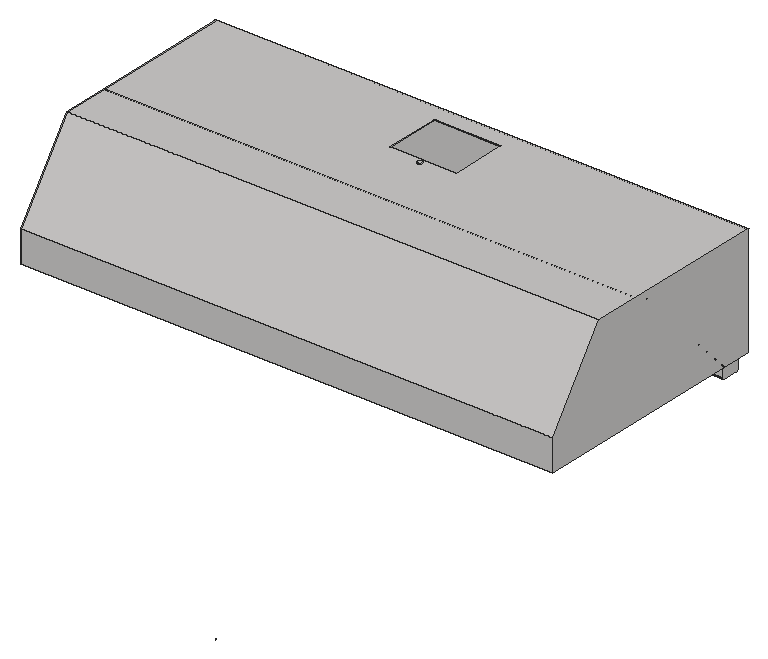
Revit family "QF_ELECTROLUXPROFESSIONAL_644223_ABPV1124BT", category Specialty Equipment, Revit 2014
Reference planes
  plane 1 "Center (Front/Back)": y = 0
  plane 2: z = 0
  plane 3 "Center (Left/Right)": x = 150
  plane 4 "LEFT": x = -1050
  plane 5 "RIGHT": x = 1350
  plane 6 "BACK": y = 550
  plane 7 "FRONT": y = -550
  plane 8 "TOP": z = 2500
  plane 9 "Base": z = 2000
  plane 10: z = 1926
  plane 11 "DrainY": y = 485
  plane 12: x = -1047
  plane 13: through (0, 414.509, 2000.8) normal (0, 0.7314, 0.682)
  plane 14: y = 470
  plane 15: y = 220
  plane 16 "DrainX": x = 1230
  plane 17: x = 300
  plane 18: x = 0
  plane 19: x = 1347
  plane 20: x = 1140
  plane 21: x = 1320
  plane 22: x = -1010
  plane 23: x = -645
  plane 24: x = -450
  plane 25: x = 1310
  plane 26: x = 945
  plane 27: x = 750
  plane 28: x = -47.5
  plane 29: x = 347.5
  plane 30: z = 2140
  plane 31: y = -290
  plane 32: y = 200
Forms (mm)
  Extrusion 1, solid, material "QF_Finishes_Stainless Steel"
    sketch origin (-1050, 0, 360) x (0, 1, 0) y (0, 0, 1)
      loop
        line (550, 1640) -> (550, 2140) -> (-290, 2140) -> (-550, 1780) -> (-550, 1640) -> (550, 1640)
    from 0 to 3
  Extrusion 2, solid, material "QF_Finishes_Stainless Steel"
    sketch origin (150, 0, 360) x (0, 1, 0) y (0, 0, 1)
      loop
        line (415.255, 1640) -> (550, 1640) -> (550, 2139.19) -> (549.2, 2139.19) -> (549.2, 1640.8) -> (415.876, 1640.8) -> (339.347, 1722.867) -> (349.609, 1732.436) -> (348.927, 1733.167) -> (337.934, 1722.917) -> (415.255, 1640)
      loop
        line (-82.203, 2139.19) -> (-82.203, 2118.6) -> (-31.047, 2118.6) -> (34.354, 2048.466) -> (46.028, 2059.352) -> (45.346, 2060.083) -> (34.403, 2049.879) -> (-30.612, 2119.6) -> (-81.203, 2119.6) -> (-81.203, 2139.19) -> (-82.203, 2139.19)
    from -1197 to 1197
  Extrusion 3, solid, material "QF_Finishes_Stainless Steel"
    sketch origin (1350, 0, 360) x (0, 1, 0) y (0, 0, 1)
      loop
        line (550, 1640) -> (550, 2140) -> (-290, 2140) -> (-550, 1780) -> (-550, 1640) -> (550, 1640)
    from 0 to -3
  Extrusion 4, solid, material "QF_Finishes_Stainless Steel"
    sketch origin (150, 0, 360) x (0, 1, 0) y (0, 0, 1)
      loop
        line (-290, 2140) -> (-550, 1780) -> (-550, 1640) -> (-549.2, 1640) -> (-549.2, 1779.741) -> (-289.598, 2139.19) -> (550, 2139.19) -> (550, 2140) -> (-290, 2140)
    from -1200 to 1200
  Extrusion 5, solid, material "QF_Finishes_Stainless Steel"
    sketch origin (150, 0, 360) x (0, 1, 0) y (0, 0, 1)
      loop
        line (534, 1640) -> (436, 1640) -> (436, 1627) -> (443.5, 1627) -> (443.5, 1576)
        arc (443.5, 1576) -> (446.429, 1568.929) -> (453.5, 1566) r 10
        line (453.5, 1566) -> (516.5, 1566)
        arc (516.5, 1566) -> (523.571, 1568.929) -> (526.5, 1576) r 10
        line (526.5, 1576) -> (526.5, 1627) -> (534, 1627) -> (534, 1640)
    from 990 to 1170
  Extrusion 6, solid, material "QF_Finishes_Stainless Steel"
    sketch origin (0, 0, 2000) x (0, 1, 0) y (-1, 0, 0)
      loop
        circle (485, -1230) r 20
    from -76 to -74
  Extrusion 7, solid, material "QF_Finished_Chrome"
    sketch origin (150, 0, 360) x (0, 1, 0) y (0, 0, 1)
      loop
        line (337.934, 1722.917) -> (341.591, 1726.327) -> (38.011, 2051.876) -> (34.354, 2048.466) -> (337.934, 1722.917)
    from -795 to -1160
  Extrusion 8, solid, material "QF_Finished_Chrome"
    sketch origin (150, 0, 360) x (0, 1, 0) y (0, 0, 1)
      loop
        line (337.934, 1722.917) -> (341.591, 1726.327) -> (38.011, 2051.876) -> (34.354, 2048.466) -> (337.934, 1722.917)
    from -197.5 to -600
  Extrusion 9, solid, material "QF_Finishes_Stainless Steel"
    sketch origin (150, 0, 360) x (0, 1, 0) y (0, 0, 1)
      loop
        line (337.934, 1722.917) -> (341.591, 1726.327) -> (38.011, 2051.876) -> (34.354, 2048.466) -> (337.934, 1722.917)
    from 1197 to 1160
  Extrusion 10, solid, material "QF_Finishes_Stainless Steel"
    sketch origin (150, 0, 360) x (0, 1, 0) y (0, 0, 1)
      loop
        line (341.588, 1726.324) -> (38.009, 2051.874) -> (34.354, 2048.466) -> (337.934, 1722.917) -> (341.588, 1726.324)
    from -795 to -600
  Extrusion 11, solid, material "QF_Finished_Chrome"
    sketch origin (150, 0, 360) x (0, 1, 0) y (0, 0, 1)
      loop
        line (341.588, 1726.324) -> (38.009, 2051.874) -> (34.354, 2048.466) -> (337.934, 1722.917) -> (341.588, 1726.324)
    from 795 to 1160
  Extrusion 12, void
    sketch origin (0, 0, 2500) x (0, 1, 0) y (-1, 0, 0)
      loop
        line (470, 0) -> (220, 0) -> (220, -300) -> (470, -300) -> (470, 0)
    from 0 to -10
  Extrusion 13, solid, material "QF_Finishes_Stainless Steel"
    sketch origin (0, 0, 0) x (1, 0, 0) y (0, 1, 0)
      loop
        line (-1050, 550) -> (-1050, 549) -> (-1049, 549) -> (-1049, 550) -> (-1050, 550)
    from 0 to 1
  Extrusion 14, solid, material "QF_Finishes_Stainless Steel"
    sketch origin (150, 0, 360) x (0, 1, 0) y (0, 0, 1)
      loop
        line (337.934, 1722.917) -> (341.591, 1726.327) -> (38.011, 2051.876) -> (34.354, 2048.466) -> (337.934, 1722.917)
    from -1160 to -1197
  Extrusion 15, solid, material "QF_Finishes_Stainless Steel"
    sketch origin (150, 0, 360) x (0, 1, 0) y (0, 0, -1)
      loop
        line (341.588, -1726.324) -> (337.934, -1722.917) -> (34.354, -2048.466) -> (38.009, -2051.874) -> (341.588, -1726.324)
    from -795 to -600
  Extrusion 16, solid, material "QF_Finished_Chrome"
    sketch origin (150, 0, 360) x (0, 1, 0) y (0, 0, 1)
      loop
        line (337.934, 1722.917) -> (341.591, 1726.327) -> (38.011, 2051.876) -> (34.354, 2048.466) -> (337.934, 1722.917)
    from 600 to 197.5
  Extrusion 17, solid, material "QF_Finishes_Stainless Steel"
    sketch origin (150, 0, 360) x (0, 1, 0) y (0, 0, -1)
      loop
        line (341.588, -1726.324) -> (337.934, -1722.917) -> (34.354, -2048.466) -> (38.009, -2051.874) -> (341.588, -1726.324)
    from -197.5 to 197.5
  Extrusion 18, solid, material "QF_Finishes_Stainless Steel"
    sketch origin (0, 0, 2500) x (0, 1, 0) y (-1, 0, 0)
      loop
        circle (200, -150) r 10
    from 0 to 1.6
Cuts and joins
  Extrusion 12 cuts Extrusion 4
  joined: Extrusion 2, Extrusion 4
Lines and regions (mm)
  reference lines
    curve 1: line (150, 34.354, 2408.466) -> (150, 34.354, 2248.466)
  symbolic lines, style "SpecialityEquipment", detail levels coarse
    curve 2: line (1350, 550, 2500) -> (-1050, 550, 2500)
    curve 3: line (-1050, 550, 2500) -> (-1050, -550, 2500)
    curve 4: line (1350, -550, 2500) -> (1350, 550, 2500)
    curve 5: line (-1050, -550, 2500) -> (1350, -550, 2500)
    curve 6: line (0, 220, 2500) -> (300, 220, 2500)
    curve 7: line (0, 470, 2500) -> (0, 220, 2500)
    curve 8: line (300, 470, 2500) -> (0, 470, 2500)
    curve 9: line (300, 220, 2500) -> (300, 470, 2500)
    curve 10: line (1350, -289.598, 0) -> (-1050, -289.598, 0)
    curve 11: line (-1050, -289.598, 0) -> (1350, 550, 0)
    curve 12: line (-1050, 550, 0) -> (1350, -289.598, 0)
Dimensions and locks
  plane 4 "LEFT" to plane 5 "RIGHT" = 2400 mm
  equal spacing: plane 4 "LEFT", plane 3 "Center (Left/Right)", plane 5 "RIGHT"
  locked: plane 8 "TOP" to plane 9 "Base" at 500
  plane 9 "Base" to plane 10 = 74 mm
  plane 6 "BACK" to plane 11 "DrainY" = 65 mm  (x2)
  plane 4 "LEFT" to plane 12 = 3 mm
  plane 6 "BACK" to plane 14 = 80 mm
  plane 14 to plane 15 = 250 mm  (x2)
  plane 16 "DrainX" to plane 5 "RIGHT" = 120 mm
  plane 19 to plane 5 "RIGHT" = 3 mm
  locked: plane 20 to plane 16 "DrainX" at 90
  locked: plane 16 "DrainX" to plane 21 at 90
  plane 6 "BACK" to plane 7 "FRONT" = 1100 mm  (x2)
  equal spacing: plane 6 "BACK", plane 1 "Center (Front/Back)", plane 7 "FRONT"
  plane 15 to plane 7 "FRONT" = 770 mm
  plane 14 to plane 6 "BACK" = 80 mm
  locked: plane 4 "LEFT" to plane 22 at 40
  locked: plane 22 to plane 23 at 365
  locked: plane 23 to plane 24 at 195
  locked: plane 25 to plane 26 at 365
  locked: plane 26 to plane 27 at 195
  locked: plane 25 to plane 5 "RIGHT" at 40
  locked: plane 28 to plane 29 at 395
  equal spacing: plane 28, plane 3 "Center (Left/Right)", plane 29
  locked: plane 18 to plane 17 at 300
  equal spacing: plane 18, plane 3 "Center (Left/Right)", plane 17
  plane 24 to plane 28 = 402.5 mm
  plane 29 to plane 27 = 402.5 mm
  plane 30 to plane 9 "Base" = 140 mm
  plane 31 to plane 7 "FRONT" = 260 mm
  locked: plane 9 "Base" to level at 2000
  plane 15 to plane 32 = 20 mm
  aligned and locked: level to plane 2
  aligned and locked: Extrusion 2 to Extrusion 1
  aligned and locked: Extrusion 2 to Extrusion 3
  aligned and locked: plane 5 "RIGHT" to Extrusion 4
  aligned and locked: Extrusion 4 to plane 4 "LEFT"
  aligned and locked: plane 19 to Extrusion 9
  aligned and locked: plane 18 to Extrusion 12
  aligned and locked: Extrusion 12 to plane 17
  aligned and locked: Extrusion 12 to plane 15
  aligned and locked: Extrusion 12 to plane 14
  aligned and locked: Extrusion 2 to Extrusion 4
  aligned and locked: plane 21 to Extrusion 5
  aligned and locked: Extrusion 5 to plane 20
  aligned and locked: Extrusion 9 to plane 25
  aligned and locked: Extrusion 11 to plane 25
  aligned and locked: Extrusion 11 to plane 26
  aligned and locked: Extrusion 8 to plane 24
  aligned and locked: plane 24 to Extrusion 10
  aligned and locked: Extrusion 10 to plane 23
  aligned and locked: plane 23 to Extrusion 7
  aligned and locked: Extrusion 7 to plane 22
  aligned and locked: Extrusion 14 to plane 12
  aligned and locked: plane 22 to Extrusion 14
  aligned and locked: Extrusion 15 to plane 27
  aligned and locked: Extrusion 15 to plane 26
  aligned and locked: Extrusion 3 to plane 19
  aligned and locked: plane 28 to Extrusion 8
  aligned and locked: Extrusion 16 to plane 27
  aligned and locked: Extrusion 16 to plane 29
  aligned and locked: plane 29 to Extrusion 17
  aligned and locked: Extrusion 17 to plane 28
Automatic sketch dimensions
  curve 5 to plane 4 "LEFT" = 0 mm
  curve 5 to plane 7 "FRONT" = 0 mm
  curve 9 to plane 15 = 0 mm
  plane 14 to curve 8 = 0 mm
  curve 3 to plane 6 "BACK" = 0 mm
  curve 5 to plane 5 "RIGHT" = 0 mm
  curve 6 to plane 17 = 0 mm
  curve 6 to plane 18 = 0 mm
  Extrusion 2 sketch curve to plane 13 = 0 mm  (x3)
  Extrusion 2 sketch curve to plane 9 "Base" = 0 mm
  plane 13 to Extrusion 2 sketch curve = 0 mm
  Extrusion 2 sketch curve to plane 6 "BACK" = 0 mm
  Extrusion 2 sketch curve to Extrusion 2 sketch curve = 65.646 mm
  Extrusion 2 sketch curve to Extrusion 2 sketch curve = 0.682 mm  (x2)
  Extrusion 2 sketch curve to Extrusion 2 sketch curve = 10.261 mm
  plane 9 "Base" to Extrusion 2 sketch curve = 82.917 mm
  Extrusion 2 sketch curve to plane 1 "Center (Front/Back)" = 46.028 mm
  Extrusion 2 sketch curve to Extrusion 2 sketch curve = 10.942 mm
  Extrusion 2 sketch curve to Extrusion 2 sketch curve = 0.049 mm
  Extrusion 2 sketch curve to plane 8 "TOP" = 20.4 mm
  Extrusion 2 sketch curve to plane 8 "TOP" = 21.4 mm
  Extrusion 2 sketch curve to plane 8 "TOP" = 0.81 mm  (x2)
  Extrusion 2 sketch curve to Extrusion 2 sketch curve = 50.156 mm
  Extrusion 2 sketch curve to Extrusion 2 sketch curve = 1 mm
  plane 9 "Base" to Extrusion 2 sketch curve = 0.8 mm
  Extrusion 2 sketch curve to plane 6 "BACK" = 0.8 mm
  curve 1 to plane 13 = 0 mm
  curve 1 to plane 1 "Center (Front/Back)" = 34.354 mm
  Extrusion 5 sketch curve to plane 9 "Base" = 0 mm
  Extrusion 5 sketch curve to plane 10 = 0 mm
  Extrusion 5 sketch curve to plane 9 "Base" = 13 mm  (x2)
  plane 14 to Extrusion 5 sketch curve = 34 mm
  Extrusion 5 sketch curve to Extrusion 5 sketch curve = 7.5 mm  (x2)
  Extrusion 5 sketch curve to Extrusion 5 sketch curve = 10 mm
  plane 11 "DrainY" to Extrusion 5 sketch curve = 31.5 mm
  Extrusion 5 sketch curve to plane 6 "BACK" = 23.5 mm
  Extrusion 6 sketch curve to plane 11 "DrainY" = 0 mm
  Extrusion 6 sketch curve to plane 16 "DrainX" = 0 mm
  Extrusion 7 sketch curve to plane 13 = 0 mm  (x2)
  Extrusion 7 sketch curve to plane 1 "Center (Front/Back)" = 34.354 mm
  Extrusion 7 sketch curve to Extrusion 7 sketch curve = 3.657 mm
  plane 9 "Base" to Extrusion 7 sketch curve = 82.917 mm
  Extrusion 8 sketch curve to plane 13 = 0 mm  (x2)
  Extrusion 8 sketch curve to plane 1 "Center (Front/Back)" = 34.354 mm
  Extrusion 8 sketch curve to Extrusion 8 sketch curve = 3.657 mm
  plane 9 "Base" to Extrusion 8 sketch curve = 82.917 mm
  Extrusion 9 sketch curve to plane 13 = 0 mm  (x2)
  Extrusion 9 sketch curve to plane 1 "Center (Front/Back)" = 34.354 mm
  Extrusion 9 sketch curve to Extrusion 9 sketch curve = 3.657 mm
  plane 9 "Base" to Extrusion 9 sketch curve = 82.917 mm
  Extrusion 10 sketch curve to plane 13 = 0 mm  (x2)
  Extrusion 10 sketch curve to plane 1 "Center (Front/Back)" = 34.354 mm
  Extrusion 10 sketch curve to Extrusion 10 sketch curve = 3.655 mm
  plane 9 "Base" to Extrusion 10 sketch curve = 82.917 mm
  Extrusion 11 sketch curve to plane 13 = 0 mm  (x2)
  Extrusion 11 sketch curve to plane 1 "Center (Front/Back)" = 34.354 mm
  Extrusion 11 sketch curve to Extrusion 11 sketch curve = 3.655 mm
  plane 9 "Base" to Extrusion 11 sketch curve = 82.917 mm
  Extrusion 12 sketch curve to plane 15 = 0 mm
  plane 14 to Extrusion 12 sketch curve = 0 mm
  Extrusion 12 sketch curve to plane 17 = 0 mm
  Extrusion 12 sketch curve to plane 18 = 0 mm
  Extrusion 13 sketch curve to plane 4 "LEFT" = 0 mm
  Extrusion 13 sketch curve to plane 6 "BACK" = 0 mm
  plane 4 "LEFT" to Extrusion 13 sketch curve = 1 mm
  Extrusion 13 sketch curve to Extrusion 13 sketch curve = 1 mm
  Extrusion 14 sketch curve to plane 13 = 0 mm  (x2)
  Extrusion 14 sketch curve to plane 1 "Center (Front/Back)" = 34.354 mm
  Extrusion 14 sketch curve to Extrusion 14 sketch curve = 3.657 mm
  plane 9 "Base" to Extrusion 14 sketch curve = 82.917 mm
  Extrusion 15 sketch curve to plane 13 = 0 mm  (x2)
  Extrusion 15 sketch curve to plane 1 "Center (Front/Back)" = 34.354 mm
  Extrusion 15 sketch curve to Extrusion 15 sketch curve = 3.655 mm
  plane 9 "Base" to Extrusion 15 sketch curve = 82.917 mm
  Extrusion 16 sketch curve to plane 13 = 0 mm  (x2)
  Extrusion 16 sketch curve to plane 1 "Center (Front/Back)" = 34.354 mm
  Extrusion 16 sketch curve to Extrusion 16 sketch curve = 3.657 mm
  plane 9 "Base" to Extrusion 16 sketch curve = 82.917 mm
  Extrusion 17 sketch curve to plane 13 = 0 mm  (x2)
  Extrusion 17 sketch curve to plane 1 "Center (Front/Back)" = 34.354 mm
  Extrusion 17 sketch curve to Extrusion 17 sketch curve = 3.655 mm
  plane 9 "Base" to Extrusion 17 sketch curve = 82.917 mm
  curve 1 to curve 1 = 160 mm
  Extrusion 4 sketch curve to plane 7 "FRONT" = 0 mm
  Extrusion 4 sketch curve to plane 8 "TOP" = 0 mm
  Extrusion 4 sketch curve to plane 31 = 0 mm
  plane 31 to Extrusion 4 sketch curve = 0.402 mm
  Extrusion 4 sketch curve to plane 6 "BACK" = 0 mm
  Extrusion 4 sketch curve to plane 9 "Base" = 0 mm
  Extrusion 4 sketch curve to plane 30 = 0 mm
  Extrusion 4 sketch curve to plane 30 = 0.259 mm
  plane 7 "FRONT" to Extrusion 4 sketch curve = 0.8 mm
  Extrusion 4 sketch curve to Extrusion 4 sketch curve = 0.81 mm
  Extrusion 1 sketch curve to plane 7 "FRONT" = 0 mm
  Extrusion 1 sketch curve to plane 8 "TOP" = 0 mm
  Extrusion 1 sketch curve to plane 31 = 0 mm
  Extrusion 1 sketch curve to plane 6 "BACK" = 0 mm
  Extrusion 1 sketch curve to plane 9 "Base" = 0 mm
  Extrusion 1 sketch curve to plane 30 = 0 mm
  Extrusion 3 sketch curve to plane 7 "FRONT" = 0 mm
  Extrusion 3 sketch curve to plane 8 "TOP" = 0 mm
  Extrusion 3 sketch curve to plane 31 = 0 mm
  Extrusion 3 sketch curve to plane 6 "BACK" = 0 mm
  Extrusion 3 sketch curve to plane 9 "Base" = 0 mm
  Extrusion 3 sketch curve to plane 30 = 0 mm
  curve 10 to plane 4 "LEFT" = 0 mm
  curve 12 to plane 4 "LEFT" = 0 mm
  curve 11 to plane 5 "RIGHT" = 0 mm
  curve 10 to plane 5 "RIGHT" = 0 mm
  curve 12 to plane 6 "BACK" = 0 mm
  curve 11 to plane 6 "BACK" = 0 mm
  plane 31 to curve 11 = 0.402 mm
  Extrusion 18 sketch curve to plane 3 "Center (Left/Right)" = 0 mm
  plane 32 to Extrusion 18 sketch curve = 0 mm
  radius of Extrusion 6 sketch curve = 20 mm
  radius of Extrusion 18 sketch curve = 10 mm
Connectors
  piping at (1230, 485, 1924), diameter 20
    settings: on Extrusion 6, index 1, connector inside diameter 609.6 mm, connector length 0 mm, flow factor 0, pipe flow 0.0 L/s, pressure drop 0.0 Pa, fitting loss kfactor 0, connector angle 0.00°, fixture units 0, engagement length 0 mm, angle of deflection 0.00°, flow configuration 1, flow direction 2, fitting loss method 0, system type 16, joint type 0, gender type 0, connector reference index -1, connector utility 0, adjustable connector no, is connector primary yes, connector description "Drain"
  hvac at (150, 345, 2500)
    settings: on Extrusion 12, index 2, duct flow 0.0 L/s, flow factor 0, pres drop 0.0 Pa, loss coef 0, conn angle 0.00°, conn width 250 mm, conn height 300 mm, conn diameter 609.6 mm, duct sys type 3, conn prof type 1, flow config 1, flow direction 2, loss method 0, conn ref index -1, conn util no, is conn primary yes, conn desc "EXHAUST OUTLET"
  electrical at (150, 200, 2500)
    settings: on Extrusion 18, index 3, voltage 0 V, apparent load 0 VA, apparent load phase1 0 VA, apparent load phase2 0 VA, apparent load phase3 0 VA, power factor 1, load classification "Other", number of poles 1, system type 30, power factor state 1, is connector primary yes, connector utility no, sub classification motor no, connector description "Electrical Connection"
